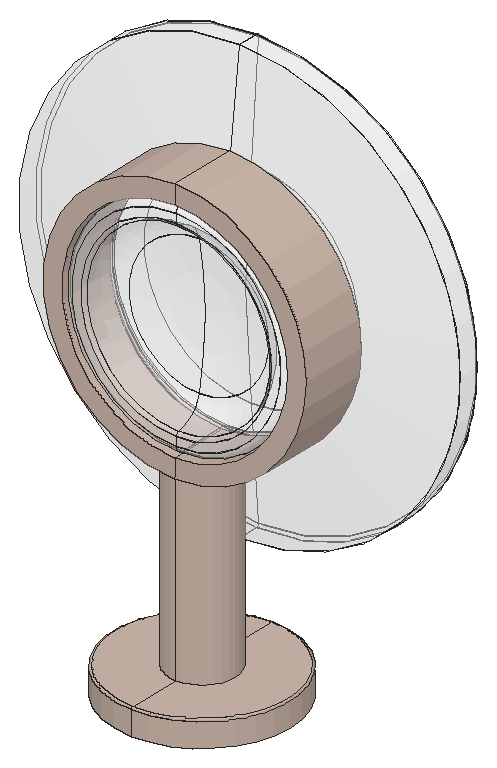
Revit family "Accessory-Soap_Dish-KOHLER-STILLNESS-K-14461T-1", category Specialty Equipment, host Face, Revit 2021
Family settings
  Host = Face
  Round Connector Dimension = Use Diameter
  Part Type = Normal
  OmniClass Number = 23.31.25.29.11
  OmniClass Title = Hand Soap Holders
  Cut with Voids When Loaded = No
  Shared = No
  Room Calculation Point = No
Parameters (values of type "RGD-Polished Rose Gold")
  Width = 1.88976"  # constant formula
  WaterSense Certified = 1 = 0  # no
  URL = "http://www.kohler.com.cn/"
  Type = 5
  Product Page URL = ""
  Product Name = "Stillness"  # constant formula
  Product Documentation Link = ""
  Model = if(Type = 1, "K-14461T-AF", if(Type = 2, "K-14461T-BN", if(Type = 3, "K-14461T-CP", if(Type = 4, "K-14461T-PGD", if(Type = 5, "K-14461T-RGD", if(Type = 6, "K-14461T-SN", "NA"))))))  # "K-14461T-RGD"
  Material = "Premium Metal Construction"  # constant formula
  Master Format 2014 Name = "Toilet, Bath, and Laundry Accessories"  # constant formula
  Master Format 2014 = "10 28 00"  # constant formula
  Manufacturer Address = "Kohler Beijing Office (100016) 36-2-03-B, No. 88, Liuxiang Road, Beijing"  # constant formula
  Manufacturer = "Kohler Co."  # constant formula
  Length = 5.98425"  # constant formula
  Height = 1.88976"  # constant formula
  Finish = Kohler-Metal-RGD-Polished_Rose_Gold
  Environmental Product Declaration = ""
  Description = "Soap Dish & Holder"  # constant formula
  Default Elevation = 42"
  Declare Label = ""
  Date Modified = "05/17/2024"  # constant formula
  Date Created = "05/17/2024"  # constant formula
  Copyright = "Copyright Kohler Co."  # constant formula
  Contact Us = "http://www.kohler.com.cn/contact/contact-us/"
  Assembly Code = "C1030200"
  ADA Compliant = 1 = 0  # no
Types (7): name | Type | Model | Finish
  (no name) | 5 | "K-14461T-RGD" | Kohler-Metal-RGD-Polished_Rose_Gold
  AF-Vibrant French Gold | 1 | "K-14461T-AF" | Kohler-Metal-AF-Vibrant_French_Gold
  BN-Vibrant Brushed Nickel | 2 | "K-14461T-BN" | Kohler-Metal-BN-Vibrant_Brushed_Nickel
  CP-Polished Chrome | 3 | "K-14461T-CP" | Kohler-Metal-CP-Polished_Chrome
  PGD-Modern Polished Gold | 4 | "K-14461T-PGD" | Kohler-Metal-PGD-Modern_Polished_Gold
  RGD-Polished Rose Gold | 5 | "K-14461T-RGD" | Kohler-Metal-RGD-Polished_Rose_Gold
  SN-Vibrant Polished Nickel | 6 | "K-14461T-SN" | Kohler-Metal-SN-Vibrant_Polished_Nickel
Reference planes (in)
  plane 1 "Center (Front/Back)": y = 0
  plane 2: z = 0
  plane 3 "Center (Left/Right)": x = 0
  plane 4: y = 0.94488
  plane 5: y = -0.94488
  plane 6: x = -2.3622
  plane 7: x = 2.3622
  plane 8: y = -0.36417
  plane 9: x = -0.94488
  plane 10: x = 0.94488
  plane 11: z = 5.98425
  plane 12: z = 3.62205
  plane 13: y = 0.75556
  plane 14: z = 1.25984
Dimensions and locks (in)
  "Width": plane 9 to plane 10
  "Height": plane 4 to plane 5
  plane 6 to plane 7 = 4.72441"
  level to plane 11 = 5.98425"
  "Length": plane 11 to level
  plane 13 to plane 8 = 1.11974"
  plane 12 to level = 3.62205"
  plane 7 to plane 6 = 4.72441"
  aligned and locked: plane 2 to host face
  aligned and locked: level to host face
  aligned and locked: plane 3 "Center (Left/Right)" to nested 1
  aligned and locked: plane 1 "Center (Front/Back)" to nested 1
  aligned and locked: plane 11 to nested 1
  aligned and locked: plane 12 to nested 1
Automatic sketch dimensions
  host sketch curve to host sketch curve = 96"  (x2)
Nested families (in)
  nested 1: "K-14461T" at (0, 0, 0), type "K-14461T"
Definition of nested family "K-14461T"
  Parameters (values of type "K-14461T")
    Material = none
    Default Elevation = 0"
  Reference planes (in)
    plane 1 "Center (Front/Back)": y = 0
    plane 2: z = 0
    plane 3 "Center (Left/Right)": x = 0
    plane 4: x = 0.94488
    plane 5: x = -0.94488
    plane 6: x = -2.3622
    plane 7: y = 0.94488
    plane 8: y = -0.94488
    plane 9: z = 5.98425
    plane 10: z = 3.62205
    plane 11: z = 0.27559
    plane 12: x = 0.35433
    plane 13: x = -0.35433
    plane 14: y = 0.35433
    plane 15: y = -0.36417
    plane 16: y = 0.75556
    plane 17: x = 2.3622
    plane 18: z = 1.25984
  Forms (in)
    Revolve 1, solid, material <- "Material", detail levels medium+fine
      sketch origin (0, 0, 0) x (0, 1, 0) y (0, 0, 1)
        loop
          line (0, 0) -> (0.94488, 0) -> (0.94488, 0.25591)
          arc (0.94488, 0.25591) -> (0.93912, 0.26982) -> (0.9252, 0.27559) r 0.01969
          line (0.9252, 0.27559) -> (0.35433, 0.27559) -> (0.35433, 2.32532) -> (0, 2.32532) -> (0, 0)
        axis (0, 2.32532) -> (0, 0)
      angle from 0 to 360
    Revolve 2, solid, detail levels medium+fine
      sketch origin (0, 0, 0) x (0, 1, 0) y (0, 0, 1)
        loop
          line (0.04921, 3.62205) -> (0.58652, 3.62205)
          arc (0.58652, 3.62205) -> (0.60497, 4.19688) -> (0.66024, 4.76934) r 8.96386
          arc (0.66024, 4.76934) -> (0.69885, 5.36113) -> (0.75537, 5.95147) r 19.57836
          arc (0.75537, 5.95147) -> (0.74802, 5.97442) -> (0.72602, 5.98425) r 0.02953
          line (0.72602, 5.98425) -> (0.50197, 5.98425) -> (0.37285, 4.88671)
          arc (0.37285, 4.88671) -> (0.34693, 4.83699) -> (0.29452, 4.81706) r 0.07886
          line (0.29452, 4.81706) -> (-0.26575, 4.81706)
          arc (-0.26575, 4.81706) -> (-0.32143, 4.794) -> (-0.34449, 4.73832) r 0.07874
          line (-0.34449, 4.73832) -> (-0.34449, 4.64325)
          arc (-0.34449, 4.64325) -> (-0.33451, 4.61715) -> (-0.30966, 4.60437) r 0.03912
          arc (-0.30966, 4.60437) -> (-0.1359, 4.52744) -> (-0.03815, 4.36448) r 0.31455
          arc (-0.03815, 4.36448) -> (0.02714, 3.99581) -> (0.04921, 3.62205) r 3.22143
        axis (0.75537, 3.62205) -> (-0.34449, 3.62205)
      angle from 0 to 360
    Revolve 3, solid, material <- "Material", detail levels medium+fine
      sketch origin (0, 0, 0) x (0, 1, 0) y (0, 0, 1)
        loop
          line (0.36417, 5.02953) -> (-0.36417, 5.02953) -> (-0.36417, 4.82874) -> (0.26575, 4.82874) -> (0.36417, 4.92717) -> (0.36417, 5.02953)
        axis (-0.36417, 3.62205) -> (0.36417, 3.62205)
      angle from 0 to 360
    Revolve 4, solid, material <- "Material", detail levels coarse
      sketch origin (0, 0, 0) x (0, 1, 0) y (0, 0, 1)
        loop
          line (0, 0) -> (0.94488, 0) -> (0.94488, 0.27559) -> (0.35433, 0.27559) -> (0.35433, 2.30193) -> (0, 2.30193) -> (0, 0)
        axis (0, 2.30193) -> (0, 0)
      angle from 0 to 360
    Revolve 5, solid, material <- "Material", detail levels coarse
      sketch origin (0, 0, 0) x (0, 1, 0) y (0, 0, 1)
        loop
          line (0.36417, 5.05683) -> (-0.36417, 5.05683) -> (-0.36417, 4.85998) -> (0.36417, 4.85998) -> (0.36417, 5.05683)
        axis (-0.36417, 3.62205) -> (0.36417, 3.62205)
      angle from 0 to 360
    Revolve 6, solid, detail levels coarse
      sketch origin (0, 0, 0) x (0, 1, 0) y (0, 0, 1)
        loop
          line (0.75556, 3.62205) -> (0.75556, 5.98425) -> (0.36186, 5.98425) -> (0.36186, 4.83246) -> (-0.36417, 4.83246) -> (-0.36417, 3.62205) -> (0.75556, 3.62205)
        axis (0.75556, 3.62205) -> (-0.36417, 3.62205)
      angle from 0 to 360
  Cuts and joins
    joined: Revolve 4, Revolve 5
    joined: Revolve 1, Revolve 3
  Lines and regions (in)
    Masking region 1
      outline origin (0, 0, 0) x (1, 0, 0) y (0, 0, 1)
        loop
          line (0.94488, 0) -> (0.94488, 0.25591)
          arc (0.94488, 0.25591) -> (0.93912, 0.26982) -> (0.9252, 0.27559) r 0.01969
          line (0.9252, 0.27559) -> (0.35433, 0.27559) -> (0.35433, 1.26677)
          arc (0.35433, 1.26677) -> (1.79141, 2.06479) -> (2.3622, 3.6063) r 2.36692
          line (2.3622, 3.6063) -> (2.3622, 3.6378)
          arc (2.3622, 3.6378) -> (1.67494, 5.29699) -> (0.01575, 5.98425) r 2.34646
          line (0.01575, 5.98425) -> (-0.01575, 5.98425)
          arc (-0.01575, 5.98425) -> (-1.67494, 5.29699) -> (-2.3622, 3.6378) r 2.34646
          line (-2.3622, 3.6378) -> (-2.3622, 3.6063)
          arc (-2.3622, 3.6063) -> (-1.79141, 2.06479) -> (-0.35433, 1.26677) r 2.36692
          line (-0.35433, 1.26677) -> (-0.35433, 0.27559) -> (-0.9252, 0.27559)
          arc (-0.9252, 0.27559) -> (-0.93912, 0.26982) -> (-0.94488, 0.25591) r 0.01969
          line (-0.94488, 0.25591) -> (-0.94488, 0) -> (0, 0) -> (0.94488, 0)
    Masking region 2
      outline origin (0, 0, 0) x (1, 0, 0) y (0, 1, 0)
        loop
          line (-1.40748, 0.36417) -> (-1.40748, -0.36417) -> (-0.87188, -0.36417)
          arc (-0.87188, -0.36417) -> (-0.52378, -0.78642) -> (0, -0.94488) r 0.94488
          arc (0, -0.94488) -> (0.52378, -0.78642) -> (0.87188, -0.36417) r 0.94488
          line (0.87188, -0.36417) -> (1.40748, -0.36417) -> (1.40748, 0.36417) -> (1.23588, 0.36417)
          arc (1.23588, 0.36417) -> (1.25457, 0.37035) -> (1.27392, 0.37396) r 0.14605
          line (1.27392, 0.37396) -> (2.38189, 0.50415) -> (2.38189, 0.73586)
          arc (2.38189, 0.73586) -> (2.37612, 0.74978) -> (2.3622, 0.75554) r 0.01969
          line (2.3622, 0.75554) -> (0.56741, 0.75554)
          arc (0.56741, 0.75554) -> (0.29909, 0.8963) -> (0, 0.94488) r 0.94488
          arc (0, 0.94488) -> (-0.29909, 0.8963) -> (-0.56741, 0.75554) r 0.94488
          line (-0.56741, 0.75554) -> (-2.3622, 0.75554)
          arc (-2.3622, 0.75554) -> (-2.37612, 0.74978) -> (-2.38189, 0.73586) r 0.01969
          line (-2.38189, 0.73586) -> (-2.38189, 0.50415) -> (-1.27392, 0.37396)
          arc (-1.27392, 0.37396) -> (-1.25457, 0.37035) -> (-1.23588, 0.36417) r 0.14605
          line (-1.23588, 0.36417) -> (-1.40748, 0.36417)
    Masking region 3
      outline origin (0, 0, 0) x (0, 1, 0) y (0, 0, 1)
        loop
          line (0.94488, 0) -> (0.94488, 0.25591)
          arc (0.94488, 0.25591) -> (0.93912, 0.26982) -> (0.9252, 0.27559) r 0.01969
          line (0.9252, 0.27559) -> (0.35433, 0.27559) -> (0.35433, 2.17443) -> (0.36417, 2.20472) -> (0.36417, 2.37582)
          arc (0.36417, 2.37582) -> (0.37012, 2.35931) -> (0.37349, 2.34209) r 0.1153
          line (0.37349, 2.34209) -> (0.50081, 1.25984) -> (0.7273, 1.25984)
          arc (0.7273, 1.25984) -> (0.74729, 1.26812) -> (0.75556, 1.2881) r 0.02826
          line (0.75556, 1.2881) -> (0.75556, 5.95661)
          arc (0.75556, 5.95661) -> (0.74746, 5.97615) -> (0.72792, 5.98425) r 0.02765
          line (0.72792, 5.98425) -> (0.50313, 5.98425) -> (0.37326, 4.88039)
          arc (0.37326, 4.88039) -> (0.37004, 4.86487) -> (0.36417, 4.85014) r 0.09088
          line (0.36417, 4.85014) -> (0.36417, 5.01969) -> (-0.36417, 5.01969) -> (-0.36417, 2.20472) -> (-0.35433, 2.17443) -> (-0.35433, 0.27559) -> (-0.9252, 0.27559)
          arc (-0.9252, 0.27559) -> (-0.93912, 0.26982) -> (-0.94488, 0.25591) r 0.01969
          line (-0.94488, 0.25591) -> (-0.94488, 0) -> (0.94488, 0)
    symbolic lines, detail levels medium+fine
      curve 1: line (-1.23588, 0.36417, 0) -> (1.23588, 0.36417, 0)
      curve 2: line (-2.38189, 0.50415, 0) -> (2.38189, 0.50415, 0)
      curve 3: line (-0.56741, 0.75554, 0) -> (0.56741, 0.75554, 0)
      curve 4: line (-0.87188, -0.36417, 0) -> (0.87188, -0.36417, 0)
      curve 5: circle (0, 0, 3.61288) r 1.14112 normal (0, 1, 0)
      curve 6: line (0.35433, 0, 0.27559) -> (-0.35433, 0, 0.27559)
      curve 7: arc (0.35433, 0, 1.26677) -> (0, 0, 1.24016) -> (-0.35433, 0, 1.26677) r 2.37205
      curve 8: line (0, 0.35433, 0.27559) -> (0, -0.35433, 0.27559)
      curve 9: arc (0, 0.36417, 2.37582) -> (0, 0, 2.43388) -> (0, -0.36417, 2.37582) r 1.17106
      curve 10: line (0, 0.36417, 2.37582) -> (0, 0.36417, 4.85014)
      curve 11: line (0, 0.50313, 5.98425) -> (0, 0.50197, 1.25984)
  Dimensions and locks (in)
    plane 5 to plane 4 = 1.88976"
    plane 7 to plane 8 = 1.88976"  (x2)
    level to plane 9 = 5.98425"
    plane 4 to plane 5 = 1.88976"
    level to plane 10 = 3.62205"
    plane 9 to level = 5.98425"
    plane 10 to level = 3.62205"
    plane 3 "Center (Left/Right)" to plane 6 = 2.3622"
    aligned and locked: plane 2 to level
